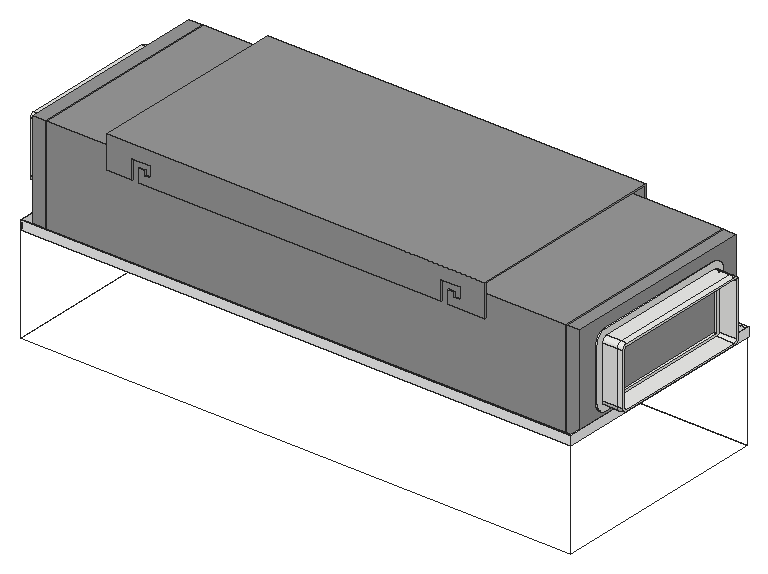
Revit family "IAQBOX-S2", category Duct Accessories, Revit 2015
Parameters (values of type "IAQBOX-S")
  Width = 345.8 mm
  Weight = 15.80 kg  # constant formula
  Unit Description = "Indoor Air Quality Box"
  Type Comments = "1"
  Supplier Part No = Nuaire Model No  # "IAQBOX-S"
  Revit Family Last Revised = "31/10/18"  # constant formula
  OmniClass Title = "Fans"  # constant formula
  OmniClass Number = "23-33 31 19"  # constant formula
  Nuaire Model No = "IAQBOX-S"
  Manufacturer Name = "Nuaire"  # constant formula
  Location [instance] = ""
  Length = 857.81 mm
  I&M Manual = "http://nuaire.info/IandM/671811.pdf"
  Height = 151.75 mm
  Pre-Filter Grade = "None"
  Duct Connection Width = 220 mm
  Duct Connection Height = 90 mm
  Classification.Uniclass.Pr.Number = "Pr_65_67_29"  # constant formula
  Classification.Uniclass.Pr.Description = "Fans"  # constant formula
  Catalogue Pages = "http://www.nuaire.info/catalogue/Q-Aire-IAQBOX.pdf"
  Show Access Clearance [instance] = yes
  Model Drawn by = "Michael Grote"  # constant formula
  Maximum Ambient Temperature = 40 °C
  URL = "http://www.nuaire.co.uk"
  Warranty Period = "5 Years"
  Weatherproof or Internal Only = "Internal"
  Manufacturer = Manufacturer Name  # "Nuaire"
  Description = Unit Description  # "Indoor Air Quality Box"
  Address = "Western Industrial Estate, Caerphilly, UK"  # constant formula
  Postcode = "CF83 1NA"  # constant formula
  Telephone Number = "+44(0)2920-858-200"  # constant formula
  Fax Number = "+44(0)2920-858-222"  # constant formula
  Email Address = "info@nuaire.co.uk"  # constant formula
  VAT Registration Number = "877308"  # constant formula
  Model = Nuaire Model No  # "IAQBOX-S"
Types (3, lengths in mm): name | Unit Description | Supplier Part No | Nuaire Model No | Pre-Filter Grade | Description | Model
  IAQBOX-S | "Indoor Air Quality Box" | "IAQBOX-S" | "IAQBOX-S" | "None" | "Indoor Air Quality Box" | "IAQBOX-S"
  IAQBOX-S-PM10 | "Indoor Air Quality Box with pre-Filter" | "IAQBOX-S-PM10" | "IAQBOX-S-PM10" | "PM10 (G4)" | "Indoor Air Quality Box with pre-Filter" | "IAQBOX-S-PM10"
  IAQBOX-S-PM2.5 | "Indoor Air Quality Box with pre-Filter" | "IAQBOX-S-PM2.5" | "IAQBOX-S-PM2.5" | "PM2.5 (F7)" | "Indoor Air Quality Box with pre-Filter" | "IAQBOX-S-PM2.5"
Reference planes
  plane 1 "Center (Front/Back)": y = 0
  plane 2: z = 0
  plane 3 "Center (Left/Right)": x = 0
  plane 4: x = 428.905
  plane 5: x = -428.905
  plane 6: y = 172.9
  plane 7: y = -172.9
  plane 8 "Top of Unit": z = 151.75
  plane 9 "Ceiling Level": z = 169.736
  plane 10: z = 77.55
Forms (mm)
  Extrusion 1, solid, material "White Panels", detail levels medium+fine
    sketch origin (0, 0, 0) x (1, 0, 0) y (0, 1, 0)
      loop
        line (-428.905, 172.9) -> (-428.905, -172.9) -> (428.905, -172.9) -> (428.905, 172.9) -> (-428.905, 172.9)
    from 0 to 14
  Extrusion 2, solid, material "Steel, Galvanized"
    sketch origin (0, 0, 0) x (1, 0, 0) y (0, 1, 0)
      loop
        line (-405.53, 152.55) -> (-426.264, 152.55) -> (-426.264, -152.55) -> (-405.53, -152.55) -> (-405.53, 152.55)
    from 1.65 to 151.75
  Extrusion 3, solid, material "Steel, Galvanized", detail levels medium+fine
    sketch origin (0, 0, 0) x (0, 1, 0) y (0, 0, 1)
      loop
        line (155.33, 168.236) -> (155.33, 119.718) -> (156.829, 119.718) -> (156.829, 169.736) -> (-156.829, 169.736) -> (-156.829, 119.718) -> (-155.33, 119.718) -> (-155.33, 168.236) -> (155.33, 168.236)
    from -307.745 to 282.255
  Extrusion 4, solid, material "Steel, Galvanized"
    sketch origin (831.805, 0, 0) x (1, 0, 0) y (0, 1, 0)
      loop
        line (-405.53, 152.55) -> (-426.264, 152.55) -> (-426.264, -152.55) -> (-405.53, -152.55) -> (-405.53, 152.55)
    from 1.65 to 151.75
  Extrusion 5, solid, material "Steel, Galvanized"
    sketch origin (811.071, 0, 0) x (1, 0, 0) y (0, 1, 0)
      loop
        line (-405.53, 152.55) -> (-1216.602, 152.55) -> (-1216.602, -152.55) -> (-405.53, -152.55) -> (-405.53, 152.55)
    from 1.65 to 151.75
  Extrusion 6, void
    sketch origin (0, 0, 0) x (1, 0, 0) y (0, 0, 1)
      loop
        line (-267.745, 149.715) -> (-267.745, 119.718) -> (-257.745, 119.718) -> (-257.745, 139.741) -> (-247.995, 139.741) -> (-247.995, 132.76) -> (-237.995, 132.76) -> (-237.995, 149.715) -> (-267.745, 149.715)
      loop
        line (214.255, 149.715) -> (214.255, 119.718) -> (224.255, 119.718) -> (224.255, 139.741) -> (234.005, 139.741) -> (234.005, 132.76) -> (244.005, 132.76) -> (244.005, 149.715) -> (214.255, 149.715)
    from -162.108 to 164.166
  Extrusion 7, void
    sketch origin (0, 0, 0) x (1, 0, 0) y (0, 1, 0)
      loop
        line (-427.275, 171.25) -> (-427.275, -171.25) -> (427.25, -171.25) -> (427.25, 171.25) -> (-427.275, 171.25)
    from 1.65 to 14
  Extrusion 8, solid, material "White Panels", detail levels coarse
    sketch origin (0, 0, 0) x (1, 0, 0) y (0, 1, 0)
      loop
        line (-428.905, 172.9) -> (-428.905, -172.9) -> (428.905, -172.9) -> (428.905, 172.9) -> (-428.905, 172.9)
    from 0 to 14
  Extrusion 9, solid, material "Steel, Galvanized", detail levels coarse
    sketch origin (0, 0, 0) x (0, 1, 0) y (0, 0, 1)
      loop
        line (155.33, 168.236) -> (155.33, 119.718) -> (156.829, 119.718) -> (156.829, 169.736) -> (-156.829, 169.736) -> (-156.829, 119.718) -> (-155.33, 119.718) -> (-155.33, 168.236) -> (155.33, 168.236)
    from -307.745 to 282.255
  Extrusion 10, solid, material "Access Clearance", visible <- "Show Access Clearance"
    sketch origin (0, 0, 0) x (1, 0, 0) y (0, 1, 0)
      loop
        line (-428.905, 172.9) -> (-428.905, -172.9) -> (428.905, -172.9) -> (428.905, 172.9) -> (-428.905, 172.9)
    from 0 to -151.8
Cuts and joins
  Extrusion 6, Extrusion 7 cuts Extrusion 3
  Extrusion 7 cuts Extrusion 1
Dimensions and locks
  equal spacing: plane 5, plane 3 "Center (Left/Right)", plane 4
  "Length": plane 5 to plane 4
  equal spacing: plane 6, plane 1 "Center (Front/Back)", plane 7
  "Width": plane 6 to plane 7
  "Height": plane 8 "Top of Unit" to plane 2
  aligned and locked: level to plane 2
  aligned and locked: Extrusion 1 sketch curve to plane 6
  aligned and locked: Extrusion 1 sketch curve to plane 5
  aligned and locked: Extrusion 1 sketch curve to plane 7
  aligned and locked: Extrusion 1 sketch curve to plane 4
  aligned and locked: Extrusion 10 sketch curve to plane 6
  aligned and locked: Extrusion 10 sketch curve to plane 5
  aligned and locked: Extrusion 10 sketch curve to plane 7
  aligned and locked: Extrusion 10 sketch curve to plane 4
Automatic sketch dimensions
  Extrusion 2 sketch curve to plane 5 = 2.64 mm
  Extrusion 2 sketch curve to plane 7 = 20.35 mm
  Extrusion 2 sketch curve to Extrusion 2 sketch curve = 20.734 mm
  Extrusion 2 sketch curve to plane 6 = 20.35 mm
  Extrusion 3 sketch curve to plane 9 "Ceiling Level" = 0 mm
  Extrusion 3 sketch curve to plane 7 = 16.071 mm
  Extrusion 3 sketch curve to plane 8 "Top of Unit" = 32.032 mm  (x2)
  Extrusion 3 sketch curve to Extrusion 3 sketch curve = 1.5 mm  (x2)
  Extrusion 3 sketch curve to plane 9 "Ceiling Level" = 1.5 mm
  Extrusion 3 sketch curve to plane 6 = 17.57 mm
  Extrusion 4 sketch curve to plane 4 = 23.364 mm
  Extrusion 4 sketch curve to plane 4 = 2.63 mm
  Extrusion 4 sketch curve to plane 7 = 20.35 mm
  Extrusion 4 sketch curve to plane 6 = 20.35 mm
  Extrusion 5 sketch curve to plane 5 = 23.374 mm
  Extrusion 5 sketch curve to plane 7 = 20.35 mm
  Extrusion 5 sketch curve to plane 4 = 23.364 mm
  Extrusion 5 sketch curve to plane 6 = 20.35 mm
  Extrusion 6 sketch curve to plane 8 "Top of Unit" = 32.032 mm  (x2)
  Extrusion 6 sketch curve to plane 5 = 161.16 mm
  Extrusion 6 sketch curve to Extrusion 6 sketch curve = 10 mm  (x4)
  Extrusion 6 sketch curve to Extrusion 6 sketch curve = 9.75 mm  (x2)
  Extrusion 6 sketch curve to plane 8 "Top of Unit" = 2.035 mm  (x2)
  plane 3 "Center (Left/Right)" to Extrusion 6 sketch curve = 214.255 mm
  Extrusion 6 sketch curve to Extrusion 6 sketch curve = 13.043 mm
  Extrusion 6 sketch curve to plane 8 "Top of Unit" = 18.99 mm
  Extrusion 6 sketch curve to Extrusion 6 sketch curve = 6.981 mm  (x2)
  Extrusion 7 sketch curve to plane 5 = 1.63 mm
  Extrusion 7 sketch curve to plane 7 = 1.65 mm
  Extrusion 7 sketch curve to plane 4 = 1.655 mm
  Extrusion 7 sketch curve to plane 6 = 1.65 mm
  Extrusion 8 sketch curve to plane 5 = 0 mm
  Extrusion 8 sketch curve to plane 4 = 0 mm
  plane 7 to Extrusion 8 sketch curve = 0 mm
  Extrusion 8 sketch curve to plane 6 = 0 mm
  Extrusion 9 sketch curve to plane 9 "Ceiling Level" = 0 mm
  Extrusion 9 sketch curve to plane 7 = 16.071 mm
  Extrusion 9 sketch curve to plane 8 "Top of Unit" = 32.032 mm  (x2)
  Extrusion 9 sketch curve to Extrusion 9 sketch curve = 1.5 mm  (x2)
  Extrusion 9 sketch curve to plane 9 "Ceiling Level" = 1.5 mm
  Extrusion 9 sketch curve to plane 6 = 17.57 mm
Nested families
  nested 1: "spigot_220x90" at (-426.264, 0, 77.55) x (0, 1, 0) z (-1, 0, 0), type "spigot_220x90"
    with Spigot yes, Blanking Plate no
  nested 2: "spigot_220x90" at (426.275, 0, 77.55) x (0, -1, 0) z (1, 0, 0), type "spigot_220x90"
    with Spigot yes, Blanking Plate no
  nested 3: "label_nuaire_logo" at (0, 57.9, 169.736), type "label_nuaire_logo"
    with Scale Factor 452 mm, Actual Scale 158.2 mm
  nested 4: "label_arrow_airflow" at (17.105, -55, 169.736), type "label_arrow_airflow"
    with Size 167.7 mm, Scale 0.3 mm, Left Arrow yes
Connectors
  hvac at (-433.264, 0, 77.55), driven by "Duct Connection Height", driven by "Duct Connection Width"
    settings: on nested 1, index 1, duct flow 0.0 L/s, flow factor 0, pres drop 0.0 Pa, loss coef 0, conn angle 0.00°, conn width 220 mm, conn height 90 mm, conn diameter 609.6 mm, duct sys type 28, conn prof type 1, flow config 0, flow direction 0, loss method 0, conn ref index -1, conn util no, is conn primary yes, conn desc ""
  hvac at (433.275, 0, 77.55), driven by "Duct Connection Height", driven by "Duct Connection Width"
    settings: on nested 2, index 3, duct flow 0.0 L/s, flow factor 0, pres drop 0.0 Pa, loss coef 0, conn angle 0.00°, conn width 220 mm, conn height 90 mm, conn diameter 609.6 mm, duct sys type 28, conn prof type 1, flow config 0, flow direction 0, loss method 0, conn ref index -1, conn util no, is conn primary no, conn desc ""
Definition of nested family "spigot_220x90"
  Parameters
    Spigot [instance] = not(Blanking Plate)  # yes
    Default Elevation = 1219.2 mm
    Blanking Plate [instance] = no
  Reference planes
    plane 1 "Center (Front/Back)": y = 0
    plane 2: z = 0
    plane 3 "Center (Left/Right)": x = 0
  Forms (mm)
    Extrusion 1, solid
      sketch origin (0, 0, 0) x (1, 0, 0) y (0, 1, 0)
        loop
          line (-1219.2, 1219.2) -> (-1219.2, -1219.2) -> (1219.2, -1219.2) -> (1219.2, 1219.2) -> (-1219.2, 1219.2)
      from 0 to -304.8
    Sweep 2, solid, visible <- "Spigot", detail levels medium+fine
      path origin (0, 0, 0) x (1, 0, 0) y (0, 1, 0)
        loop
          arc (-105.5, 57.5) -> (-117.521, 52.521) -> (-122.5, 40.5) r 17
          line (-122.5, 40.5) -> (-122.5, -40.5)
          arc (-122.5, -40.5) -> (-117.521, -52.521) -> (-105.5, -57.5) r 17
          line (-105.5, -57.5) -> (105.5, -57.5)
          arc (105.5, -57.5) -> (117.521, -52.521) -> (122.5, -40.5) r 17
          line (122.5, -40.5) -> (122.5, 40.5)
          arc (122.5, 40.5) -> (117.521, 52.521) -> (105.5, 57.5) r 17
          line (105.5, 57.5) -> (-105.5, 57.5)
      profile origin (0, 57.5, 0) x (0, 1, 0) y (0, 0, 1)
        loop
          line (-9.5, 27.5) -> (-10.624, 35.5) -> (-12.5, 35.5) -> (-12.5, 7) -> (-15.65, 7) -> (-15.65, 3.5) -> (-12.5, 3.5) -> (-12.5, 0) -> (0, 0) -> (0, 3.5) -> (-9.5, 3.5) -> (-9.5, 27.5)
    Extrusion 3, solid, visible <- "Spigot", detail levels coarse
      sketch origin (0, 0, 0) x (1, 0, 0) y (0, 1, 0)
        loop
          line (-113, 48) -> (-113, -48) -> (113, -48) -> (113, 48) -> (-113, 48)
      from 0 to 35.5
    Extrusion 4, solid, visible <- "Blanking Plate"
      sketch origin (0, 0, 0) x (1, 0, 0) y (0, 1, 0)
        loop
          line (-122.5, 57.5) -> (-122.5, -57.5) -> (122.5, -57.5) -> (122.5, 57.5) -> (-122.5, 57.5)
      from 0 to 1.5
  Dimensions and locks
    aligned and locked: plane 2 to Extrusion 1
    aligned and locked: level to Extrusion 1
Definition of nested family "label_nuaire_logo"
  Parameters
    Scale Factor [instance] = Scale * 452  # 452 mm
    Scale = 1 mm
    Actual Scale [instance] = Scale Factor * 0.35  # 158.2 mm
  Reference planes
    plane 1 "Center (Front/Back)": y = 0
    plane 2: z = 0
    plane 3 "Center (Left/Right)": x = 0
  Lines and regions (mm)
    reference lines
      curve 1: line (79.1, -32.13, 0) -> (79.1, 30, 0)
      curve 2: line (-79.1, -32.13, 0) -> (-79.1, 30, 0)
  Dimensions and locks
    equal spacing: curve 2, plane 3 "Center (Left/Right)", curve 1
    "Actual Scale": curve 2 to curve 1
    aligned and locked: level to plane 2
  Automatic sketch dimensions
    plane 1 "Center (Front/Back)" to curve 2 = 32.13 mm
    plane 1 "Center (Front/Back)" to curve 1 = 32.13 mm
    curve 2 to plane 1 "Center (Front/Back)" = 30 mm
    curve 1 to plane 1 "Center (Front/Back)" = 30 mm
  Nested families
    nested 1: "logo_stage2" at (10, 0, 0), type "logo_stage2"
  Definition of nested family "logo_stage2"
    Parameters
      Height = 452 mm
    Reference planes
      plane 1 "Center (Front/Back)": y = 0
      plane 2: z = 0
      plane 3 "Center (Left/Right)": x = 0
    Dimensions and locks
      aligned and locked: level to plane 2
    Nested families
      nested 1: "logo_stage1" at (0, 0, 0), type "logo_stage1"
    Definition of nested family "logo_stage1"
      Parameters
        Height = 1300 mm
      Reference planes
        plane 1 "Center (Front/Back)": y = 0
        plane 2: z = 0
        plane 3 "Center (Left/Right)": x = 0
      Lines and regions (mm)
        model lines
          curve 1: arc (7.927, 29.489, 0) -> (-47.363, 58.16, 0) -> (-106.604, 77.382, 0) r 378.77
          curve 2: arc (-106.604, 77.382, 0) -> (-163.216, 86.224, 0) -> (-220.277, 81.007, 0) r 233.393
          curve 3: arc (-246.965, 20.991, 0) -> (-215.043, -15.792, 0) -> (-174.42, -42.657, 0) r 179.785
          curve 4: arc (-174.42, -42.657, 0) -> (-107.072, -70.342, 0) -> (-36.955, -89.99, 0) r 623.693
          curve 5: arc (-36.955, -89.99, 0) -> (-105.996, -69.023, 0) -> (-170.812, -37.319, 0) r 451.207
          curve 6: arc (-170.812, -37.319, 0) -> (-200.304, -16.562, 0) -> (-226.197, 8.542, 0) r 230.474
          curve 7: arc (-206.815, 72.232, 0) -> (-163.659, 78.527, 0) -> (-120.226, 74.571, 0) r 185.468
          curve 8: arc (-120.226, 74.571, 0) -> (-54.126, 57.782, 0) -> (7.927, 29.489, 0) r 381.393
          curve 9: line (-161.219, -24.259, 0) -> (-141.514, -24.259, 0)
          curve 10: line (-141.514, -24.259, 0) -> (-136.798, 0, 0)
          curve 11: arc (-136.798, 0, 0) -> (-133.437, 8.115, 0) -> (-125.322, 11.477, 0) r 11.477
          curve 12: arc (-125.322, 11.477, 0) -> (-118.479, 7.762, 0) -> (-117.869, 0, 0) r 8.158
          curve 13: line (-117.869, 0, 0) -> (-122.146, -24.259, 0)
          curve 14: line (-122.146, -24.259, 0) -> (-102.441, -24.259, 0)
          curve 15: line (-102.441, -24.259, 0) -> (-97.309, 4.849, 0)
          curve 16: arc (-97.309, 4.849, 0) -> (-99.379, 18.095, 0) -> (-110.885, 24.977, 0) r 15.794
          curve 17: arc (-110.885, 24.977, 0) -> (-122.995, 23.787, 0) -> (-133.701, 18.002, 0) r 30.821
          curve 18: line (-133.701, 18.002, 0) -> (-132.598, 24.255, 0)
          curve 19: line (-161.219, -24.259, 0) -> (-152.664, 24.255, 0)
          curve 20: line (-152.664, 24.255, 0) -> (-132.598, 24.255, 0)
          curve 21: line (-80.79, 24.255, 0) -> (-86.175, -3.448, 0)
          curve 22: arc (-86.175, -3.448, 0) -> (-83.467, -16.761, 0) -> (-72.138, -24.259, 0) r 17.751
          curve 23: arc (-72.138, -24.259, 0) -> (-59.938, -25.434, 0) -> (-47.739, -24.259, 0) r 63.934
          curve 24: arc (-47.739, -24.259, 0) -> (-34.611, -17.57, 0) -> (-27.023, -4.941, 0) r 26.727
          curve 25: line (-27.023, -4.941, 0) -> (-21.348, 24.255, 0)
          curve 26: line (-21.348, 24.255, 0) -> (-41.053, 24.255, 0)
          curve 27: line (-41.053, 24.255, 0) -> (-46.093, -1.676, 0)
          curve 28: arc (-46.093, -1.676, 0) -> (-50.186, -8.91, 0) -> (-57.808, -12.224, 0) r 13.097
          curve 29: arc (-57.808, -12.224, 0) -> (-64.693, -9.158, 0) -> (-65.742, -1.695, 0) r 7.773
          curve 30: line (-65.742, -1.695, 0) -> (-61.166, 24.255, 0)
          curve 31: line (-61.166, 24.255, 0) -> (-80.79, 24.255, 0)
          curve 32: arc (31.54, 19.236, 0) -> (16.208, 25.528, 0) -> (0, 22.075, 0) r 28.07
          curve 33: arc (0, 22.075, 0) -> (-10.88, 12.774, 0) -> (-17.338, 0, 0) r 36.434
          curve 34: arc (-17.338, 0, 0) -> (-15.613, -14.796, 0) -> (-4.047, -24.183, 0) r 19.761
          curve 35: arc (-4.047, -24.183, 0) -> (10.741, -24.948, 0) -> (24.166, -18.699, 0) r 30.688
          curve 36: line (24.166, -18.699, 0) -> (23.117, -24.098, 0)
          curve 37: line (23.117, -24.098, 0) -> (43.271, -24.098, 0)
          curve 38: line (43.271, -24.098, 0) -> (51.797, 24.255, 0)
          curve 39: line (51.797, 24.255, 0) -> (32.515, 24.255, 0)
          curve 40: line (32.515, 24.255, 0) -> (31.54, 19.236, 0)
          curve 41: arc (27.176, -3.213, 0) -> (27.314, 5.536, 0) -> (19.984, 10.314, 0) r 9.053
          curve 42: arc (19.984, 10.314, 0) -> (10.965, 8.578, 0) -> (4.044, 2.54, 0) r 17.627
          curve 43: arc (4.044, 2.54, 0) -> (3.437, -5.353, 0) -> (9.873, -9.961, 0) r 8.063
          curve 44: arc (9.873, -9.961, 0) -> (19.716, -9.642, 0) -> (27.176, -3.213, 0) r 14.789
          curve 45: line (64.987, 24.255, 0) -> (85.001, 24.255, 0)
          curve 46: line (85.001, 24.255, 0) -> (76.475, -24.098, 0)
          curve 47: line (76.475, -24.098, 0) -> (56.461, -24.098, 0)
          curve 48: line (56.461, -24.098, 0) -> (64.987, 24.255, 0)
          curve 49: line (97.733, 24.255, 0) -> (117.438, 24.255, 0)
          curve 50: line (117.438, 24.255, 0) -> (116.079, 16.546, 0)
          curve 51: arc (116.079, 16.546, 0) -> (127.306, 23.283, 0) -> (140.3, 24.886, 0) r 31.571
          curve 52: line (140.3, 24.886, 0) -> (137.316, 7.965, 0)
          curve 53: arc (137.316, 7.965, 0) -> (129.144, 9.507, 0) -> (120.972, 7.965, 0) r 22.429
          curve 54: arc (120.972, 7.965, 0) -> (114.704, 2.976, 0) -> (112.337, -4.677, 0) r 13.585
          curve 55: line (112.337, -4.677, 0) -> (108.912, -24.098, 0)
          curve 56: line (108.912, -24.098, 0) -> (89.207, -24.098, 0)
          curve 57: line (89.207, -24.098, 0) -> (97.733, 24.255, 0)
          curve 58: arc (93.618, 47.57, 0) -> (74.854, 53.038, 0) -> (55.359, 51.64, 0) r 55.33
          curve 59: arc (93.618, 47.57, 0) -> (97.282, 41.659, 0) -> (93.618, 35.747, 0) r 6.601
          curve 60: arc (93.618, 35.747, 0) -> (84.065, 32.23, 0) -> (73.978, 30.85, 0) r 47.065
          curve 61: arc (73.978, 30.85, 0) -> (80.846, 32.41, 0) -> (86.601, 36.47, 0) r 18.116
          curve 62: arc (86.601, 36.47, 0) -> (88.036, 41.905, 0) -> (84.218, 46.03, 0) r 5.836
          curve 63: arc (84.218, 46.03, 0) -> (70.224, 51.08, 0) -> (55.359, 51.64, 0) r 48.391
          curve 64: line (157.905, -2.864, 0) -> (199.286, -2.864, 0)
          curve 65: arc (199.286, -2.864, 0) -> (197.145, 14.652, 0) -> (182.34, 24.255, 0) r 20.852
          curve 66: arc (182.34, 24.255, 0) -> (165.366, 23.801, 0) -> (149.457, 17.863, 0) r 51.614
          curve 67: arc (149.457, 17.863, 0) -> (140.348, 5.451, 0) -> (139.348, -9.912, 0) r 27.469
          curve 68: arc (139.348, -9.912, 0) -> (144.958, -19.523, 0) -> (155.103, -24.098, 0) r 18.276
          curve 69: arc (155.103, -24.098, 0) -> (178.591, -23.478, 0) -> (196.981, -8.856, 0) r 37.046
          curve 70: line (196.981, -8.856, 0) -> (178.291, -8.856, 0)
          curve 71: arc (178.291, -8.856, 0) -> (168.439, -13.819, 0) -> (158.586, -8.856, 0) r 12.261
          curve 72: arc (158.586, -8.856, 0) -> (157.442, -5.951, 0) -> (157.905, -2.864, 0) r 6.023
          curve 73: line (199.286, -2.864, 0) -> (157.905, -2.864, 0)
          curve 74: line (159.772, 7.114, 0) -> (183.418, 7.114, 0)
          curve 75: arc (183.418, 7.114, 0) -> (171.595, 14.487, 0) -> (159.772, 7.114, 0) r 13.165
          curve 76: arc (-206.815, 72.232, 0) -> (-234.166, 45.761, 0) -> (-226.197, 8.542, 0) r 39.242
          curve 77: arc (-220.277, 81.007, 0) -> (-248.829, 57.762, 0) -> (-246.965, 20.991, 0) r 40.723
      Dimensions and locks
        aligned and locked: level to plane 2
Definition of nested family "label_arrow_airflow"
  Parameters
    Scale [instance] = 1.469 mm
    Left Arrow [instance] = yes
    Size [instance] = Scale * 559  # 821 mm
  Reference planes
    plane 1 "Center (Front/Back)": y = 0
    plane 2: z = 0
    plane 3 "Center (Left/Right)": x = 0
  Lines and regions (mm)
    reference lines
      curve 1: line (-410.5, -70, 0) -> (-410.5, 80, 0)
      curve 2: line (410.5, -86.069, 0) -> (410.5, 63.931, 0)
  Dimensions and locks
    equal spacing: curve 1, plane 3 "Center (Left/Right)", curve 2
    "Size": curve 1 to curve 2
    aligned and locked: level to plane 2
  Automatic sketch dimensions
    plane 1 "Center (Front/Back)" to curve 2 = 86.069 mm
    plane 1 "Center (Front/Back)" to curve 1 = 70 mm
    curve 2 to plane 1 "Center (Front/Back)" = 63.931 mm
    curve 1 to plane 1 "Center (Front/Back)" = 80 mm
  Nested families
    nested 1: "airflow_stage2" at (-0.91, 0, 0), type "airflow_stage2"
      with Scale 0.003 mm
  Definition of nested family "airflow_stage2"
    Parameters
      Scale = 1 mm
      Left Arrow = yes
      Height = Scale * 546  # 546 mm
    Reference planes
      plane 1 "Center (Front/Back)": y = 0
      plane 2: z = 0
      plane 3 "Center (Left/Right)": x = 0
    Dimensions and locks
      aligned and locked: level to plane 2
    Nested families
      nested 1: "airflow_stage_1" at (0, 0, 0), type "airflow_stage_1"
    Definition of nested family "airflow_stage_1"
      Parameters
        Right Arrow = not(Left Arrow)  # no
        Left Arrow = yes
        Height = 1 mm
      Reference planes
        plane 1 "Center (Front/Back)": y = 0
        plane 2: z = 0
        plane 3 "Center (Left/Right)": x = 0
      Lines and regions (mm)
        model lines
          curve 1: arc (-154.862, 19.236, 0) -> (-170.193, 25.528, 0) -> (-186.401, 22.075, 0) r 28.07
          curve 2: arc (-186.401, 22.075, 0) -> (-197.282, 12.774, 0) -> (-203.74, 0, 0) r 36.434
          curve 3: arc (-203.74, 0, 0) -> (-202.014, -14.796, 0) -> (-190.448, -24.183, 0) r 19.761
          curve 4: arc (-190.448, -24.183, 0) -> (-175.66, -24.948, 0) -> (-162.235, -18.699, 0) r 30.688
          curve 5: line (-162.235, -18.699, 0) -> (-163.285, -24.098, 0)
          curve 6: line (-163.285, -24.098, 0) -> (-143.131, -24.098, 0)
          curve 7: line (-143.131, -24.098, 0) -> (-134.605, 24.255, 0)
          curve 8: line (-134.605, 24.255, 0) -> (-153.886, 24.255, 0)
          curve 9: line (-153.886, 24.255, 0) -> (-154.862, 19.236, 0)
          curve 10: arc (-159.225, -3.213, 0) -> (-159.088, 5.536, 0) -> (-166.418, 10.314, 0) r 9.053
          curve 11: arc (-166.418, 10.314, 0) -> (-175.436, 8.578, 0) -> (-182.357, 2.54, 0) r 17.627
          curve 12: arc (-182.357, 2.54, 0) -> (-182.965, -5.353, 0) -> (-176.528, -9.961, 0) r 8.063
          curve 13: arc (-176.528, -9.961, 0) -> (-166.685, -9.642, 0) -> (-159.225, -3.213, 0) r 14.789
          curve 14: line (-121.415, 24.255, 0) -> (-101.401, 24.255, 0)
          curve 15: line (-101.401, 24.255, 0) -> (-109.926, -24.098, 0)
          curve 16: line (-109.926, -24.098, 0) -> (-129.941, -24.098, 0)
          curve 17: line (-129.941, -24.098, 0) -> (-121.415, 24.255, 0)
          curve 18: line (-88.668, 24.255, 0) -> (-68.963, 24.255, 0)
          curve 19: line (-68.963, 24.255, 0) -> (-70.322, 16.546, 0)
          curve 20: arc (-70.322, 16.546, 0) -> (-59.096, 23.283, 0) -> (-46.102, 24.886, 0) r 31.571
          curve 21: line (-46.102, 24.886, 0) -> (-49.085, 7.965, 0)
          curve 22: arc (-49.085, 7.965, 0) -> (-57.257, 9.507, 0) -> (-65.429, 7.965, 0) r 22.429
          curve 23: arc (-65.429, 7.965, 0) -> (-71.698, 2.976, 0) -> (-74.065, -4.677, 0) r 13.585
          curve 24: line (-74.065, -4.677, 0) -> (-77.489, -24.098, 0)
          curve 25: line (-77.489, -24.098, 0) -> (-97.194, -24.098, 0)
          curve 26: line (-97.194, -24.098, 0) -> (-88.668, 24.255, 0)
          curve 27: arc (-92.783, 47.57, 0) -> (-111.548, 53.038, 0) -> (-131.043, 51.64, 0) r 55.33
          curve 28: arc (-92.783, 47.57, 0) -> (-89.119, 41.659, 0) -> (-92.783, 35.747, 0) r 6.601
          curve 29: arc (-92.783, 35.747, 0) -> (-102.337, 32.23, 0) -> (-112.423, 30.85, 0) r 47.065
          curve 30: arc (-112.423, 30.85, 0) -> (-105.555, 32.41, 0) -> (-99.8, 36.47, 0) r 18.116
          curve 31: arc (-99.8, 36.47, 0) -> (-98.365, 41.905, 0) -> (-102.184, 46.03, 0) r 5.836
          curve 32: arc (-102.184, 46.03, 0) -> (-116.177, 51.08, 0) -> (-131.043, 51.64, 0) r 48.391
          curve 33: line (161.919, 25.133, 0) -> (142.214, 25.133, 0)
          curve 34: line (142.214, 25.133, 0) -> (137.499, 0.874, 0)
          curve 35: arc (137.499, 0.874, 0) -> (134.137, -7.241, 0) -> (126.022, -10.602, 0) r 11.477
          curve 36: arc (126.022, -10.602, 0) -> (119.18, -6.887, 0) -> (118.569, 0.874, 0) r 8.158
          curve 37: line (118.569, 0.874, 0) -> (122.847, 25.133, 0)
          curve 38: line (122.847, 25.133, 0) -> (103.142, 25.133, 0)
          curve 39: line (103.142, 25.133, 0) -> (98.009, -3.975, 0)
          curve 40: arc (98.009, -3.975, 0) -> (100.08, -17.221, 0) -> (111.586, -24.103, 0) r 15.794
          curve 41: line (161.919, 25.133, 0) -> (156.956, -3.013, 0)
          curve 42: line (200.992, 25.133, 0) -> (181.287, 25.133, 0)
          curve 43: line (181.287, 25.133, 0) -> (176.571, 0.874, 0)
          curve 44: line (200.992, 25.133, 0) -> (196.56, 0, 0)
          curve 45: arc (176.571, 0.874, 0) -> (173.21, -7.241, 0) -> (165.095, -10.602, 0) r 11.477
          curve 46: arc (165.095, -10.602, 0) -> (159.531, -8.411, 0) -> (156.956, -3.013, 0) r 8.158
          curve 47: arc (111.586, -24.103, 0) -> (126.091, -23.232, 0) -> (139.579, -17.822, 0) r 45.404
          curve 48: arc (139.579, -17.822, 0) -> (148.643, -22.473, 0) -> (158.62, -24.53, 0) r 37.733
          curve 49: arc (158.62, -24.53, 0) -> (182.938, -20.536, 0) -> (196.56, 0, 0) r 30.829
          curve 50: arc (86.805, 19.236, 0) -> (71.474, 25.528, 0) -> (55.265, 22.075, 0) r 28.07
          curve 51: arc (55.265, 22.075, 0) -> (44.385, 12.774, 0) -> (37.927, 0, 0) r 36.434
          curve 52: arc (37.927, 0, 0) -> (39.652, -14.796, 0) -> (51.218, -24.183, 0) r 19.761
          curve 53: arc (51.218, -24.183, 0) -> (57.27, -25.376, 0) -> (63.438, -25.335, 0) r 30.688
          curve 54: arc (91.047, -10.031, 0) -> (94.583, 5.422, 0) -> (86.805, 19.236, 0) r 21.983
          curve 55: arc (91.047, -10.031, 0) -> (79.171, -21.161, 0) -> (63.438, -25.335, 0) r 33.311
          curve 56: arc (74.779, 7.65, 0) -> (67.998, 10.433, 0) -> (60.829, 8.906, 0) r 12.414
          curve 57: arc (60.829, 8.906, 0) -> (56.017, 4.793, 0) -> (53.161, -0.857, 0) r 16.114
          curve 58: arc (53.161, -0.857, 0) -> (53.924, -7.401, 0) -> (59.04, -11.552, 0) r 8.74
          curve 59: arc (59.04, -11.552, 0) -> (61.716, -12.08, 0) -> (64.444, -12.062, 0) r 13.573
          curve 60: arc (76.655, -5.293, 0) -> (78.219, 1.541, 0) -> (74.779, 7.65, 0) r 9.722
          curve 61: arc (76.655, -5.293, 0) -> (71.402, -10.216, 0) -> (64.444, -12.062, 0) r 14.733
          curve 62: line (18.362, 51.342, 0) -> (38.376, 51.342, 0)
          curve 63: line (38.376, 51.342, 0) -> (25.074, -24.098, 0)
          curve 64: line (25.074, -24.098, 0) -> (5.059, -24.098, 0)
          curve 65: line (5.059, -24.098, 0) -> (18.362, 51.342, 0)
          curve 66: line (6.141, 24.886, 0) -> (3.157, 7.965, 0)
          curve 67: arc (3.157, 7.965, 0) -> (-5.015, 9.507, 0) -> (-13.187, 7.965, 0) r 22.429
          curve 68: arc (-13.187, 7.965, 0) -> (-18.007, 4.753, 0) -> (-21.051, -0.175, 0) r 13.585
          curve 69: line (-24.7, -20.998, 0) -> (-30.815, -55.675, 0)
          curve 70: line (-30.815, -55.675, 0) -> (-50.52, -55.675, 0)
          curve 71: line (-50.52, -55.675, 0) -> (-40.689, 0.078, 0)
          curve 72: arc (6.141, 24.886, 0) -> (-22.379, 22.118, 0) -> (-40.689, 0.078, 0) r 37.646
          curve 73: line (1.303, 0, 0) -> (-1.68, -16.921, 0)
          curve 74: arc (-1.68, -16.921, 0) -> (-13.763, -15.723, 0) -> (-24.7, -20.998, 0) r 22.429
          curve 75: arc (1.303, 0, 0) -> (-9.887, 1.61, 0) -> (-21.051, -0.175, 0) r 37.646
        model lines, visible <- "Right Arrow"
          curve 76: line (50, 46.342, 0) -> (175, 46.342, 0)
          curve 77: line (175, 46.342, 0) -> (175, 76.342, 0)
          curve 78: line (175, 76.342, 0) -> (280.076, 0, 0)
          curve 79: line (-15, -46.342, 0) -> (175, -46.342, 0)
          curve 80: line (175, -46.342, 0) -> (175, -76.342, 0)
          curve 81: line (175, -76.342, 0) -> (280.076, 0, 0)
          curve 89: line (1.881, 46.342, 0) -> (-53.119, 46.342, 0)
          curve 90: line (-65.458, -46.342, 0) -> (-120.458, -46.342, 0)
        model lines, visible <- "Left Arrow"
          curve 82: line (1.881, 46.342, 0) -> (-78.803, 46.342, 0)
          curve 83: line (-63.661, -46.342, 0) -> (-170.834, -46.342, 0)
          curve 84: line (-170.834, 46.342, 0) -> (-170.834, 76.342, 0)
          curve 85: line (-170.834, 76.342, 0) -> (-275.91, 0, 0)
          curve 86: line (-170.834, -46.342, 0) -> (-170.834, -76.342, 0)
          curve 87: line (-170.834, -76.342, 0) -> (-275.91, 0, 0)
          curve 88: line (-170.834, 46.342, 0) -> (-142.669, 46.342, 0)
          curve 91: line (50, 46.342, 0) -> (100, 46.342, 0)
          curve 92: line (-17.339, -46.342, 0) -> (32.661, -46.342, 0)
      Dimensions and locks
        aligned and locked: level to plane 2
